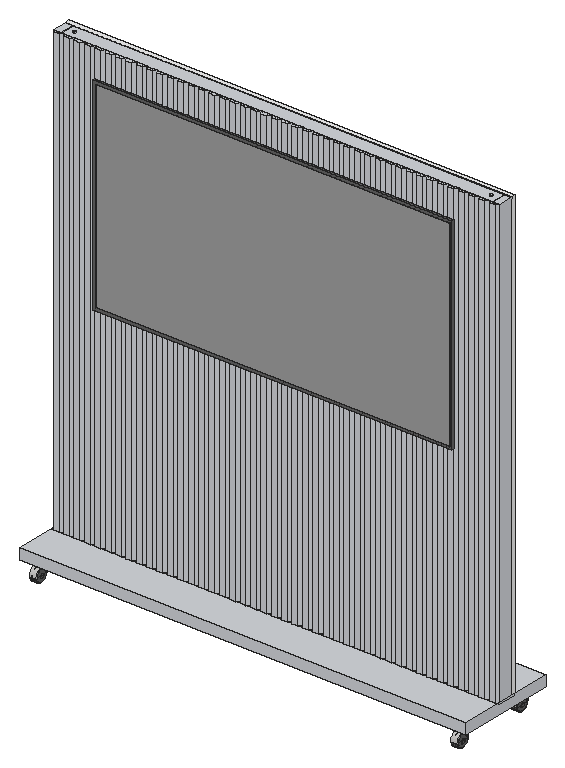
Revit family "ThinkingWall Acoustic AV", category Generic Models, Revit 2023
Family settings
  Can host rebar = No
  Round Connector Dimension = Use Diameter
  Part Type = Normal
  Work Plane-Based = No
  Always vertical = Yes
  Cut with Voids When Loaded = No
  Maintain Annotation Orientation = No
  Shared = No
  Room Calculation Point = No
Parameters (values of type "ThinkingWall® Acoustic AV 1800 Whiteboard to other side")
  Whiteboard = yes
  URL = "https://www.logovisual.com/product/whiteboards/thinkingwall/acoustics/thinkingwall-mobile-acoustic-av/"
  TV Width = 1450 mm
  TV Height = 830 mm
  Steel Colour = none
  Plug = yes
  Plinth Colour = none
  Panel = no
  No of Slat = Length / 41.4 mm  # 43
  Model = "ThinkingWall® Acoustic AV"
  Manufacturer = "Logovisual LTD"
  Mains or Battery = ""
  Length = 1800 mm
  Description = "Mobile freestanding acoustic AV unit. Part of the ThinkingWall® range for flexible breakout and meeting spaces."
  Default Elevation = 0 mm
  Acoustic Colour = none
Types (6, lengths in mm): name | Whiteboard | TV Width | TV Height | Panel | No of Slat | Length
  ThinkingWall® Acoustic AV 1200 Whiteboard to other side | yes | 965 | 565 | no | 29 | 1200
  ThinkingWall® Acoustic AV 1500 Whiteboard to other side | yes | 1230 | 720 | no | 36 | 1500
  ThinkingWall® Acoustic AV 1800 Whiteboard to other side | yes | 1450 | 830 | no | 43 | 1800
  ThinkingWall® Acoustic AV 1200 Acoustic to both sides | no | 965 | 565 | yes | 29 | 1200
  ThinkingWall® Acoustic AV 1500 Acoustic to both sides | no | 1230 | 720 | yes | 36 | 1500
  ThinkingWall® Acoustic AV 1800 Acoustic to both sides | no | 1450 | 830 | yes | 43 | 1800
Reference planes
  plane 1 "Center (Front/Back)": y = 0
  plane 2: z = 0
  plane 3 "Center (Left/Right)": x = 0
  plane 4: y = 200
  plane 5: x = 1800
  plane 6: y = -200
  plane 7: x = 900
  plane 8: z = 71.5
  plane 9 "a": z = 114.5
  plane 10: x = 30
  plane 11: x = 1770
  plane 12: z = 1914.5
  plane 13: y = 30
  plane 14: y = -30
  plane 15: x = 895
  plane 16: x = 905
  plane 17: y = -183
  plane 18: y = 182
  plane 19: z = 1804.5
  plane 20: y = 47.5
  plane 21: y = -42
  plane 22: y = 40
  plane 23: y = -40
  plane 24 "b": z = 109.5
  plane 25: x = 1730
Forms (mm)
  Extrusion 1, solid, material <- "Plinth Colour"
    sketch origin (-511.407, -1524, 71.5) x (-1, 0, 0) y (0, -1, 0)
      loop
        line (-511.407, -1724) -> (-511.407, -1324) -> (-2311.407, -1324) -> (-2311.407, -1724) -> (-511.407, -1724)
    from 0 to 43
  Extrusion 2, solid, material <- "Steel Colour"
    sketch origin (-511.407, -1524, 114.5) x (-1, 0, 0) y (0, -1, 0)
      loop
        line (-511.407, -1554) -> (-511.407, -1494) -> (-541.407, -1494) -> (-541.407, -1554) -> (-511.407, -1554)
      loop
        line (-2281.407, -1554) -> (-2281.407, -1494) -> (-2311.407, -1494) -> (-2311.407, -1554) -> (-2281.407, -1554)
    from 0 to 1800
  Extrusion 3, solid, material "Laminate, White", visible <- "Whiteboard"
    sketch origin (-511.407, -1524, 114.5) x (-1, 0, 0) y (0, -1, 0)
      loop
        line (-511.407, -1571.5) -> (-511.407, -1554) -> (-2311.407, -1554) -> (-2311.407, -1571.5) -> (-511.407, -1571.5)
    from 0 to 1800
  Extrusion 4, solid, material <- "Steel Colour"
    sketch origin (-908.752, -1524, 1914.5) x (-1, 0, 0) y (0, -1, 0)
      loop
        line (-938.752, -1554) -> (-938.752, -1494) -> (-2678.752, -1494) -> (-2678.752, -1554) -> (-938.752, -1554)
    from -18 to 0
  Extrusion 5, solid
    sketch origin (-908.752, -1524, 1914.5) x (-1, 0, 0) y (0, -1, 0)
      loop
        circle (-968.752, -1524) r 5
      loop
        circle (-2648.752, -1524) r 5
    from 0 to 1
  Extrusion 6, solid
    sketch origin (0, 0, 0) x (0, 1, 0) y (0, 0, 1)
      loop
        line (40, 114.5) -> (-40, 114.5) -> (-40, 109.5) -> (40, 109.5) -> (40, 114.5)
    from 0 to 1800
Dimensions and locks
  equal spacing: plane 4, plane 1 "Center (Front/Back)", plane 6
  plane 4 to plane 6 = 400 mm
  "Length": plane 3 "Center (Left/Right)" to plane 5
  locked: plane 3 "Center (Left/Right)" to nested 1 at 50
  locked: plane 4 to nested 1 at 50
  equal spacing: plane 3 "Center (Left/Right)", plane 7, plane 5
  locked: plane 4 to nested 2 at 50
  locked: nested 2 to plane 5 at 50
  locked: nested 4 to plane 5 at 50
  locked: plane 3 "Center (Left/Right)" to nested 3 at 50
  locked: plane 6 to nested 3 at 50
  locked: plane 6 to nested 4 at 50
  locked: plane 8 to level at 71.5
  plane 9 "a" to plane 8 = 43 mm
  locked: plane 3 "Center (Left/Right)" to plane 10 at 30
  locked: plane 11 to plane 5 at 30
  plane 12 to level = 1914.5 mm
  equal spacing: plane 13, plane 1 "Center (Front/Back)", plane 14
  locked: plane 13 to plane 14 at 60
  locked: plane 4 to plane 18 at 18
  locked: plane 6 to plane 17 at 17
  equal spacing: plane 15, plane 7, plane 16
  locked: plane 15 to plane 16 at 10
  plane 12 to plane 9 "a" = 1800 mm
  locked: plane 12 to plane 19 at 110
  equal spacing: group 1, group 3, group 4, group 5, group 6, group 7, group 8, group 9, group 10, group 11, group 12, group 13, group 14, group 15, group 16, group 17, group 18, group 19, group 20, group 21, group 22, group 23, group 24, group 25, group 26, group 27, group 28, group 29, group 59, group 60, group 61, group 62, group 63, group 64, group 65, group 73, group 74, group 75, group 76, group 77, group 78, group 79, group 2  (x3)
  locked: plane 20 to plane 13 at 17.5
  locked: plane 21 to plane 14 at 12
  equal spacing: plane 22, plane 1 "Center (Front/Back)", plane 23
  locked: plane 9 "a" to plane 24 "b" at 5
  locked: plane 5 to plane 25 at 70
  equal spacing: group 31, group 86, group 85, group 84, group 83, group 82, group 81, group 80, group 72, group 71, group 70, group 69, group 68, group 67, group 66, group 58, group 57, group 56, group 55, group 54, group 53, group 52, group 51, group 50, group 49, group 48, group 47, group 46, group 45, group 44, group 43, group 42, group 41, group 40, group 39, group 38, group 37, group 36, group 35, group 34, group 33, group 32, group 30
  equal spacing: group 30, group 32, group 33, group 34, group 35, group 36, group 37, group 38, group 39, group 40, group 41, group 42, group 43, group 44, group 45, group 46, group 47, group 48, group 49, group 50, group 51, group 52, group 53, group 54, group 55, group 56, group 57, group 58, group 66, group 67, group 68, group 69, group 70, group 71, group 72, group 80, group 81, group 82, group 83, group 84, group 85, group 86, group 31  (x2)
  locked: plane 5 to nested 35 at 70
  locked: plane 9 "a" to nested 35 at 62
  aligned and locked: level to plane 2
  aligned and locked: Extrusion 1 sketch curve to plane 4
  aligned and locked: plane 3 "Center (Left/Right)" to Extrusion 1 sketch curve
  aligned and locked: Extrusion 1 sketch curve to plane 6
  aligned and locked: Extrusion 1 sketch curve to plane 5
  aligned and locked: Extrusion 1 to plane 8
  aligned and locked: Extrusion 1 to plane 9 "a"
  aligned and locked: Extrusion 2 sketch curve to plane 13
  aligned and locked: plane 3 "Center (Left/Right)" to Extrusion 2 sketch curve
  aligned and locked: Extrusion 2 sketch curve to plane 14  (x2)
  aligned and locked: Extrusion 2 sketch curve to plane 10
  aligned and locked: plane 13 to Extrusion 2 sketch curve
  aligned and locked: Extrusion 2 sketch curve to plane 11
  aligned and locked: Extrusion 2 sketch curve to plane 5
  aligned and locked: Extrusion 2 to plane 9 "a"
  aligned and locked: plane 12 to Extrusion 2
  aligned and locked: nested 5 to plane 9 "a"
  aligned and locked: plane 9 "a" to nested 6
  aligned and locked: plane 14 to nested 6
  aligned and locked: plane 14 to nested 5
  aligned and locked: Extrusion 3 sketch curve to plane 20
  aligned and locked: plane 3 "Center (Left/Right)" to Extrusion 3 sketch curve
  aligned and locked: Extrusion 3 sketch curve to Extrusion 2  (x2)
  aligned and locked: Extrusion 3 to plane 9 "a"
  aligned and locked: plane 12 to Extrusion 3
  aligned and locked: plane 3 "Center (Left/Right)" to nested 5
  aligned and locked: nested 6 to plane 5
  aligned and locked: plane 7 to nested 34
  aligned and locked: plane 21 to nested 34
  aligned and locked: plane 19 to nested 34
  aligned and locked: plane 12 to Extrusion 4
  aligned and locked: plane 9 "a" to Extrusion 6 sketch curve
  aligned and locked: plane 22 to Extrusion 6 sketch curve
  aligned and locked: Extrusion 6 sketch curve to plane 24 "b"
  aligned and locked: plane 23 to Extrusion 6 sketch curve
  aligned and locked: Extrusion 6 to plane 3 "Center (Left/Right)"
  aligned and locked: plane 5 to Extrusion 6
  aligned and locked: nested 35 to plane 25
  aligned and locked: plane 20 to nested 35
  aligned and locked: nested 36 to plane 5
  aligned and locked: plane 3 "Center (Left/Right)" to nested 37
  aligned and locked: nested 36 to plane 9 "a"
  aligned and locked: nested 37 to plane 9 "a"
  aligned and locked: plane 13 to nested 37
  aligned and locked: nested 36 to plane 13
Automatic sketch dimensions
  Extrusion 5 sketch curve to Extrusion 4 = 30 mm  (x4)
  Extrusion 4 sketch curve to plane 11 = 0 mm
  Extrusion 4 sketch curve to plane 10 = 0 mm
  Extrusion 4 sketch curve to plane 13 = 0 mm
  plane 14 to Extrusion 4 sketch curve = 0 mm
  radius of Extrusion 5 sketch curve = 5 mm  (x2)
Nested families
  nested 1: "50mm_Caster_Wheel 2" at (50, 150, 0) x (0, 1, 0) z (0, 0, 1), type "50mm_Caster_Wheel 2"
  nested 2: "50mm_Caster_Wheel 2" at (1750, 150, 0) x (0, 1, 0) z (0, 0, 1), type "50mm_Caster_Wheel 2"
  nested 3: "50mm_Caster_Wheel 2" at (50, -150, 0) x (0, 1, 0) z (0, 0, 1), type "50mm_Caster_Wheel 2"
  nested 4: "50mm_Caster_Wheel 2" at (1750, -150, 0) x (0, 1, 0) z (0, 0, 1), type "50mm_Caster_Wheel 2"
  nested 5: "Panel" at (0, -30, 114.5), type "Panel"
    with Height 1800 mm
  nested 6: "Panel" at (1760, -30, 114.5), type "Panel"
    with Height 1800 mm
  nested 7: "Panel" at (41.905, -30, 114.5), type "Panel"
    with Height 1800 mm
  nested 8: "Panel" at (83.81, -30, 114.5), type "Panel"
    with Height 1800 mm
  nested 9: "Panel" at (125.714, -30, 114.5), type "Panel"
    with Height 1800 mm
  nested 10: "Panel" at (167.619, -30, 114.5), type "Panel"
    with Height 1800 mm
  nested 11: "Panel" at (209.524, -30, 114.5), type "Panel"
    with Height 1800 mm
  nested 12: "Panel" at (251.429, -30, 114.5), type "Panel"
    with Height 1800 mm
  nested 13: "Panel" at (293.333, -30, 114.5), type "Panel"
    with Height 1800 mm
  nested 14: "Panel" at (335.238, -30, 114.5), type "Panel"
    with Height 1800 mm
  nested 15: "Panel" at (377.143, -30, 114.5), type "Panel"
    with Height 1800 mm
  nested 16: "Panel" at (419.048, -30, 114.5), type "Panel"
    with Height 1800 mm
  nested 17: "Panel" at (460.952, -30, 114.5), type "Panel"
    with Height 1800 mm
  nested 18: "Panel" at (502.857, -30, 114.5), type "Panel"
    with Height 1800 mm
  nested 19: "Panel" at (544.762, -30, 114.5), type "Panel"
    with Height 1800 mm
  nested 20: "Panel" at (586.667, -30, 114.5), type "Panel"
    with Height 1800 mm
  nested 21: "Panel" at (628.571, -30, 114.5), type "Panel"
    with Height 1800 mm
  nested 22: "Panel" at (670.476, -30, 114.5), type "Panel"
    with Height 1800 mm
  nested 23: "Panel" at (712.381, -30, 114.5), type "Panel"
    with Height 1800 mm
  nested 24: "Panel" at (754.286, -30, 114.5), type "Panel"
    with Height 1800 mm
  nested 25: "Panel" at (796.19, -30, 114.5), type "Panel"
    with Height 1800 mm
  nested 26: "Panel" at (838.095, -30, 114.5), type "Panel"
    with Height 1800 mm
  nested 27: "Panel" at (880, -30, 114.5), type "Panel"
    with Height 1800 mm
  nested 28: "Panel" at (921.905, -30, 114.5), type "Panel"
    with Height 1800 mm
  nested 29: "Panel" at (963.81, -30, 114.5), type "Panel"
    with Height 1800 mm
  nested 30: "Panel" at (1005.714, -30, 114.5), type "Panel"
    with Height 1800 mm
  nested 31: "Panel" at (1047.619, -30, 114.5), type "Panel"
    with Height 1800 mm
  nested 32: "Panel" at (1089.524, -30, 114.5), type "Panel"
    with Height 1800 mm
  nested 33: "Panel" at (1131.429, -30, 114.5), type "Panel"
    with Height 1800 mm
  nested 34: "TV" at (900, -42, 974.5), type "TV"
  nested 35: "Weiland Power Input" at (1730, 48.5, 144.5), visible <- "Plug", type "Weiland Power Input"
  nested 36: "Panel" at (1800, 30, 114.5) x (-1, 0, 0) z (0, 0, 1), visible <- "Panel", type "Panel 2"
    with Height 1800 mm
  nested 37: "Panel" at (40, 30, 114.5) x (-1, 0, 0) z (0, 0, 1), visible <- "Panel", type "Panel 2"
    with Height 1800 mm
  nested 38: "Panel" at (1758.095, 30, 114.5) x (-1, 0, 0) z (0, 0, 1), visible <- "Panel", type "Panel 2"
    with Height 1800 mm
  nested 39: "Panel" at (1716.19, 30, 114.5) x (-1, 0, 0) z (0, 0, 1), visible <- "Panel", type "Panel 2"
    with Height 1800 mm
  nested 40: "Panel" at (1674.286, 30, 114.5) x (-1, 0, 0) z (0, 0, 1), visible <- "Panel", type "Panel 2"
    with Height 1800 mm
  nested 41: "Panel" at (1632.381, 30, 114.5) x (-1, 0, 0) z (0, 0, 1), visible <- "Panel", type "Panel 2"
    with Height 1800 mm
  nested 42: "Panel" at (1590.476, 30, 114.5) x (-1, 0, 0) z (0, 0, 1), visible <- "Panel", type "Panel 2"
    with Height 1800 mm
  nested 43: "Panel" at (1548.571, 30, 114.5) x (-1, 0, 0) z (0, 0, 1), visible <- "Panel", type "Panel 2"
    with Height 1800 mm
  nested 44: "Panel" at (1506.667, 30, 114.5) x (-1, 0, 0) z (0, 0, 1), visible <- "Panel", type "Panel 2"
    with Height 1800 mm
  nested 45: "Panel" at (1464.762, 30, 114.5) x (-1, 0, 0) z (0, 0, 1), visible <- "Panel", type "Panel 2"
    with Height 1800 mm
  nested 46: "Panel" at (1422.857, 30, 114.5) x (-1, 0, 0) z (0, 0, 1), visible <- "Panel", type "Panel 2"
    with Height 1800 mm
  nested 47: "Panel" at (1380.952, 30, 114.5) x (-1, 0, 0) z (0, 0, 1), visible <- "Panel", type "Panel 2"
    with Height 1800 mm
  nested 48: "Panel" at (1339.048, 30, 114.5) x (-1, 0, 0) z (0, 0, 1), visible <- "Panel", type "Panel 2"
    with Height 1800 mm
  nested 49: "Panel" at (1297.143, 30, 114.5) x (-1, 0, 0) z (0, 0, 1), visible <- "Panel", type "Panel 2"
    with Height 1800 mm
  nested 50: "Panel" at (1255.238, 30, 114.5) x (-1, 0, 0) z (0, 0, 1), visible <- "Panel", type "Panel 2"
    with Height 1800 mm
  nested 51: "Panel" at (1213.333, 30, 114.5) x (-1, 0, 0) z (0, 0, 1), visible <- "Panel", type "Panel 2"
    with Height 1800 mm
  nested 52: "Panel" at (1171.429, 30, 114.5) x (-1, 0, 0) z (0, 0, 1), visible <- "Panel", type "Panel 2"
    with Height 1800 mm
  nested 53: "Panel" at (1129.524, 30, 114.5) x (-1, 0, 0) z (0, 0, 1), visible <- "Panel", type "Panel 2"
    with Height 1800 mm
  nested 54: "Panel" at (1087.619, 30, 114.5) x (-1, 0, 0) z (0, 0, 1), visible <- "Panel", type "Panel 2"
    with Height 1800 mm
  nested 55: "Panel" at (1045.714, 30, 114.5) x (-1, 0, 0) z (0, 0, 1), visible <- "Panel", type "Panel 2"
    with Height 1800 mm
  nested 56: "Panel" at (1003.81, 30, 114.5) x (-1, 0, 0) z (0, 0, 1), visible <- "Panel", type "Panel 2"
    with Height 1800 mm
  nested 57: "Panel" at (961.905, 30, 114.5) x (-1, 0, 0) z (0, 0, 1), visible <- "Panel", type "Panel 2"
    with Height 1800 mm
  nested 58: "Panel" at (920, 30, 114.5) x (-1, 0, 0) z (0, 0, 1), visible <- "Panel", type "Panel 2"
    with Height 1800 mm
  nested 59: "Panel" at (878.095, 30, 114.5) x (-1, 0, 0) z (0, 0, 1), visible <- "Panel", type "Panel 2"
    with Height 1800 mm
  nested 60: "Panel" at (836.19, 30, 114.5) x (-1, 0, 0) z (0, 0, 1), visible <- "Panel", type "Panel 2"
    with Height 1800 mm
  nested 61: "Panel" at (794.286, 30, 114.5) x (-1, 0, 0) z (0, 0, 1), visible <- "Panel", type "Panel 2"
    with Height 1800 mm
  nested 62: "Panel" at (752.381, 30, 114.5) x (-1, 0, 0) z (0, 0, 1), visible <- "Panel", type "Panel 2"
    with Height 1800 mm
  nested 63: "Panel" at (710.476, 30, 114.5) x (-1, 0, 0) z (0, 0, 1), visible <- "Panel", type "Panel 2"
    with Height 1800 mm
  nested 64: "Panel" at (668.571, 30, 114.5) x (-1, 0, 0) z (0, 0, 1), visible <- "Panel", type "Panel 2"
    with Height 1800 mm
  nested 65: "Panel" at (1173.333, -30, 114.5), type "Panel"
    with Height 1800 mm
  nested 66: "Panel" at (1215.238, -30, 114.5), type "Panel"
    with Height 1800 mm
  nested 67: "Panel" at (1257.143, -30, 114.5), type "Panel"
    with Height 1800 mm
  nested 68: "Panel" at (1299.048, -30, 114.5), type "Panel"
    with Height 1800 mm
  nested 69: "Panel" at (1340.952, -30, 114.5), type "Panel"
    with Height 1800 mm
  nested 70: "Panel" at (1382.857, -30, 114.5), type "Panel"
    with Height 1800 mm
  nested 71: "Panel" at (1424.762, -30, 114.5), type "Panel"
    with Height 1800 mm
  nested 72: "Panel" at (626.667, 30, 114.5) x (-1, 0, 0) z (0, 0, 1), visible <- "Panel", type "Panel 2"
    with Height 1800 mm
  nested 73: "Panel" at (584.762, 30, 114.5) x (-1, 0, 0) z (0, 0, 1), visible <- "Panel", type "Panel 2"
    with Height 1800 mm
  nested 74: "Panel" at (542.857, 30, 114.5) x (-1, 0, 0) z (0, 0, 1), visible <- "Panel", type "Panel 2"
    with Height 1800 mm
  nested 75: "Panel" at (500.952, 30, 114.5) x (-1, 0, 0) z (0, 0, 1), visible <- "Panel", type "Panel 2"
    with Height 1800 mm
  nested 76: "Panel" at (459.048, 30, 114.5) x (-1, 0, 0) z (0, 0, 1), visible <- "Panel", type "Panel 2"
    with Height 1800 mm
  nested 77: "Panel" at (417.143, 30, 114.5) x (-1, 0, 0) z (0, 0, 1), visible <- "Panel", type "Panel 2"
    with Height 1800 mm
  nested 78: "Panel" at (375.238, 30, 114.5) x (-1, 0, 0) z (0, 0, 1), visible <- "Panel", type "Panel 2"
    with Height 1800 mm
  nested 79: "Panel" at (1466.667, -30, 114.5), type "Panel"
    with Height 1800 mm
  nested 80: "Panel" at (1508.571, -30, 114.5), type "Panel"
    with Height 1800 mm
  nested 81: "Panel" at (1550.476, -30, 114.5), type "Panel"
    with Height 1800 mm
  nested 82: "Panel" at (1592.381, -30, 114.5), type "Panel"
    with Height 1800 mm
  nested 83: "Panel" at (1634.286, -30, 114.5), type "Panel"
    with Height 1800 mm
  nested 84: "Panel" at (1676.19, -30, 114.5), type "Panel"
    with Height 1800 mm
  nested 85: "Panel" at (1718.095, -30, 114.5), type "Panel"
    with Height 1800 mm
  nested 86: "Panel" at (333.333, 30, 114.5) x (-1, 0, 0) z (0, 0, 1), visible <- "Panel", type "Panel 2"
    with Height 1800 mm
  nested 87: "Panel" at (291.429, 30, 114.5) x (-1, 0, 0) z (0, 0, 1), visible <- "Panel", type "Panel 2"
    with Height 1800 mm
  nested 88: "Panel" at (249.524, 30, 114.5) x (-1, 0, 0) z (0, 0, 1), visible <- "Panel", type "Panel 2"
    with Height 1800 mm
  nested 89: "Panel" at (207.619, 30, 114.5) x (-1, 0, 0) z (0, 0, 1), visible <- "Panel", type "Panel 2"
    with Height 1800 mm
  nested 90: "Panel" at (165.714, 30, 114.5) x (-1, 0, 0) z (0, 0, 1), visible <- "Panel", type "Panel 2"
    with Height 1800 mm
  nested 91: "Panel" at (123.81, 30, 114.5) x (-1, 0, 0) z (0, 0, 1), visible <- "Panel", type "Panel 2"
    with Height 1800 mm
  nested 92: "Panel" at (81.905, 30, 114.5) x (-1, 0, 0) z (0, 0, 1), visible <- "Panel", type "Panel 2"
    with Height 1800 mm
Definition of nested family "50mm_Caster_Wheel 2"
  Parameters (values of type "50mm_Caster_Wheel 2")
    Default Elevation = 0 mm
  Reference planes
    plane 1 "Center (Front/Back)": y = 0
    plane 2: z = 0
    plane 3 "Center (Left/Right)": x = 0
    plane 4 "VWhlCntr": x = -22
    plane 5 "WhlCntr": z = 25
    plane 6: z = 56.73
    plane 7: z = 55.23
  Forms (mm)
    Revolve 1, solid
      sketch origin (0, 0, 25) x (-1, 0, 0) y (0, -1, 0)
        loop
          line (45.5, 13.5) -> (29.872, 13.5) -> (30.032, 14.411)
          arc (30.032, 14.411) -> (29.873, 15.004) -> (29.317, 15.263) r 0.727
          line (29.317, 15.263) -> (22, 15.263) -> (22, 4.169) -> (47, 4.169) -> (47, 12)
          arc (47, 12) -> (46.561, 13.061) -> (45.5, 13.5) r 1.5
        loop
          arc (45.5, -13.5) -> (46.561, -13.061) -> (47, -12) r 1.5
          line (47, -12) -> (47, -4.169) -> (22, -4.169) -> (22, -15.263) -> (29.317, -15.263)
          arc (29.317, -15.263) -> (29.873, -15.004) -> (30.032, -14.411) r 0.727
          line (30.032, -14.411) -> (29.872, -13.5) -> (45.5, -13.5)
        axis (22, 15.263) -> (22, -15.263)
      angle from 0 to 360
    Revolve 2, solid
      sketch origin (0, 0, 25) x (-1, 0, 0) y (0, -1, 0)
        loop
          line (22, 3.174) -> (33.047, 3.174)
          arc (33.047, 3.174) -> (32.755, 3.878) -> (32.052, 4.169) r 0.995
          line (32.052, 4.169) -> (22, 4.169) -> (22, 3.174)
        loop
          line (22, -3.174) -> (22, -4.169) -> (32.052, -4.169)
          arc (32.052, -4.169) -> (32.755, -3.878) -> (33.047, -3.174) r 0.995
          line (33.047, -3.174) -> (22, -3.174)
        axis (22, 4.169) -> (22, -4.169)
      angle from 0 to 360
    Revolve 3, solid
      sketch origin (0, 0, 0) x (1, 0, 0) y (0, 0, 1)
        loop
          line (0, 60) -> (21.525, 60) -> (21.525, 62.198)
          arc (21.525, 62.198) -> (20.577, 63.345) -> (19.43, 64.292) r 7.866
          arc (19.43, 64.292) -> (16.996, 68.264) -> (12.416, 67.416) r 4.113
          line (12.416, 67.416) -> (10, 65) -> (10, 70) -> (0, 70) -> (0, 60)
        axis (0, 60) -> (0, 70)
      angle from 0 to 360
    Extrusion 4, solid
      sketch origin (0, 0, 0) x (1, 0, 0) y (0, 0, 1)
        loop
          circle (-22, 25) r 2.964
      from -12.5 to 12.5
    Extrusion 5, solid
      sketch origin (0, 0, 70) x (1, 0, 0) y (0, 1, 0)
        loop
          line (-25, 25) -> (-25, -25) -> (25, -25) -> (25, 25) -> (-25, 25)
      from 0 to 1.5
    Extrusion 6, solid
      sketch origin (0, 0, 0) x (1, 0, 0) y (0, 0, 1)
        loop
          line (-49.398, 25.312) -> (-47.348, 25.312)
          arc (-47.348, 25.312) -> (-22.059, 50.601) -> (3.229, 25.313) r 25.288
          line (3.229, 25.313) -> (5.279, 25.313)
          arc (5.279, 25.313) -> (-22.059, 52.651) -> (-49.398, 25.312) r 27.339
      from -13.5 to 13.5
    Extrusion 7, solid
      sketch origin (0, 0, 0) x (1, 0, 0) y (0, 0, 1)
        loop
          arc (-22.059, 52.651) -> (-2.728, 44.644) -> (5.279, 25.312) r 27.339
          line (5.279, 25.312) -> (5.279, 60) -> (-22.059, 60) -> (-22.059, 52.651)
      from -13.5 to 13.5
  Dimensions and locks
    plane 3 "Center (Left/Right)" to plane 4 "VWhlCntr" = 22 mm
    Revolve 3 to level = 70 mm
    Revolve 3 to plane 2 = 70 mm
    diameter of Revolve 1 = 50 mm
    aligned and locked: level to plane 2
Definition of nested family "Panel"
  Parameters (values of type "Panel")
    Height = 220 mm
    Default Elevation = 0 mm
    Acoustic Panel = yes
    Acoustic = none
  Types (2): name
    Panel
    Panel 2
  Reference planes
    plane 1 "Center (Front/Back)": y = 0
    plane 2: z = 0
    plane 3 "Center (Left/Right)": x = 0
    plane 4: z = 220
    plane 5: x = 40
    plane 6: y = -12
    plane 7: z = 0
    plane 8: x = 8
    plane 9: x = 32
  Forms (mm)
    Extrusion 1, solid, material <- "Acoustic", visible <- "Acoustic Panel"
      sketch origin (0, 0, 0) x (1, 0, 0) y (0, 1, 0)
        loop
          line (0, 0) -> (8, -12) -> (32, -12) -> (40, 0) -> (0, 0)
      from 0 to 220
  Dimensions and locks
    plane 3 "Center (Left/Right)" to plane 5 = 40 mm
    plane 6 to plane 1 "Center (Front/Back)" = 12 mm  (x2)
    "Height": plane 4 to plane 2
    plane 7 to level = 0 mm
    plane 5 to plane 3 "Center (Left/Right)" = 40 mm
    plane 3 "Center (Left/Right)" to plane 8 = 8 mm
    plane 9 to plane 5 = 8 mm
    aligned and locked: level to plane 2
    aligned and locked: plane 1 "Center (Front/Back)" to Extrusion 1 sketch curve
    aligned and locked: plane 6 to Extrusion 1 sketch curve
    aligned and locked: Extrusion 1 to plane 7
    aligned and locked: plane 4 to Extrusion 1
  Automatic sketch dimensions
    Extrusion 1 sketch curve to plane 3 "Center (Left/Right)" = 0 mm
    Extrusion 1 sketch curve to plane 8 = 0 mm
    Extrusion 1 sketch curve to plane 9 = 0 mm
    Extrusion 1 sketch curve to plane 5 = 0 mm
Definition of nested family "TV"
  Parameters (values of type "TV")
    Width = 1450 mm
    Screen = none
    Height = 830 mm
    Depth = 10 mm
    Default Elevation = 0 mm
    Boarder = 10 mm
  Reference planes
    plane 1 "Center (Front/Back)": y = 0
    plane 2: z = 0
    plane 3 "Center (Left/Right)": x = 0
    plane 4: x = -725
    plane 5: x = 725
    plane 6: z = 830
    plane 7: z = 820
    plane 8: x = -715
    plane 9: x = 715
    plane 10: z = 10
    plane 11: y = -5
    plane 12: y = -10
    plane 13: z = 415
  Forms (mm)
    Extrusion 1, solid
      sketch origin (0, 0, 0) x (1, 0, 0) y (0, 0, 1)
        loop
          line (-725, 830) -> (-725, 0) -> (725, 0) -> (725, 830) -> (-725, 830)
        loop
          line (-715, 820) -> (-715, 10) -> (715, 10) -> (715, 820) -> (-715, 820)
      from 0 to 10
    Extrusion 2, solid
      sketch origin (0, 0, 0) x (1, 0, 0) y (0, 0, 1)
        loop
          line (-715, 820) -> (-715, 10) -> (715, 10) -> (715, 820) -> (-715, 820)
      from 0 to 5
    Extrusion 3, solid, material <- "Screen"
      sketch origin (0, 0, 0) x (1, 0, 0) y (0, 0, 1)
        loop
          line (-715, 820) -> (-715, 10) -> (715, 10) -> (715, 820) -> (-715, 820)
      from 5 to 10
  Dimensions and locks
    equal spacing: plane 5, plane 3 "Center (Left/Right)", plane 4
    "Width": plane 5 to plane 4
    "Height": plane 6 to level
    "Boarder": plane 8 to plane 4
    "Boarder": plane 5 to plane 9
    "Boarder": plane 6 to plane 7
    "Boarder": plane 10 to level
    equal spacing: plane 6, plane 13, level
    equal spacing: plane 1 "Center (Front/Back)", plane 11, plane 12
    "Depth": plane 1 "Center (Front/Back)" to plane 12
    aligned and locked: level to plane 2
    aligned and locked: Extrusion 1 sketch curve to plane 6
    aligned and locked: plane 4 to Extrusion 1 sketch curve
    aligned and locked: plane 2 to Extrusion 1 sketch curve
    aligned and locked: Extrusion 1 sketch curve to plane 5
    aligned and locked: Extrusion 1 sketch curve to plane 7
    aligned and locked: plane 8 to Extrusion 1 sketch curve
    aligned and locked: plane 10 to Extrusion 1 sketch curve
    aligned and locked: Extrusion 1 sketch curve to plane 9
    aligned and locked: Extrusion 2 sketch curve to Extrusion 1  (x4)
    aligned and locked: Extrusion 2 to plane 11
    aligned and locked: Extrusion 2 to plane 1 "Center (Front/Back)"
    aligned and locked: Extrusion 3 sketch curve to Extrusion 2  (x4)
    aligned and locked: plane 11 to Extrusion 3
    aligned and locked: Extrusion 3 to plane 12
    aligned and locked: Extrusion 1 to plane 12
Definition of nested family "Weiland Power Input"
  Parameters (values of type "Weiland Power Input")
    Default Elevation = 0 mm
  Reference planes
    plane 1 "Center (Front/Back)": y = 0
    plane 2: z = 0
    plane 3 "Center (Left/Right)": x = 0
    plane 4: x = -32
    plane 5: z = 64
    plane 6: x = 32
    plane 7: z = 32
  Forms (mm)
    Extrusion 1, solid
      sketch origin (0, 0, -380.527) x (1, 0, 0) y (0, 0, 1)
        loop
          circle (0, 412.527) r 32
      from 0 to 1
  Dimensions and locks
    equal spacing: plane 5, plane 7, level
    aligned and locked: level to plane 2
  Automatic sketch dimensions
    Extrusion 1 sketch curve to Extrusion 1 sketch curve = 0 mm  (x2)
    Extrusion 1 sketch curve to plane 3 "Center (Left/Right)" = 0 mm
    plane 7 to Extrusion 1 sketch curve = 0 mm
    plane 4 to Extrusion 1 sketch curve = 0 mm
